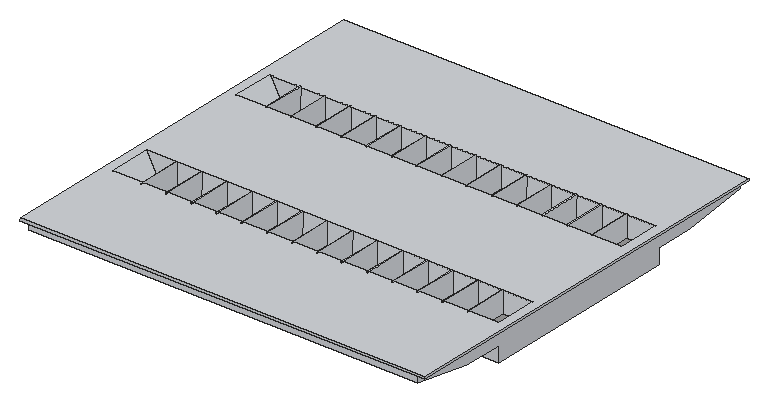
Revit family "0052583 Sylvania Lighting Fixture RANA NEO 3500LM REC 600x600 840 CC EM 2L WHITE", category Lighting Fixtures, host Face, Revit 2016
Family settings
  Host = Face
  Part Type = Normal
  Round Connector Dimension = Use Diameter
  OmniClass Number = 23.80.70.00
  OmniClass Title = Lighting
  Cut with Voids When Loaded = No
  Light Source = Yes
  Shared = No
  Room Calculation Point = No
Parameters (values of type "0052583 RANA NEO 3500LM R 600 840 CC EM 2L WHT")
  fin7 = 37 mm
  fin3 = 332 mm
  fin2 [instance] = 368 mm
  fin 6 = 110 mm
  fin 5 = 185 mm
  fin 4 = 258 mm
  fin 3 [instance] = 318 mm
  fin 2 = 407 mm
  fin 1 = 480 mm
  Width_SYL = if([600x600_SYL], 595 mm, if([625x625_SYL], 620 mm, if([1200_SYL], 296 mm, 306 mm)))  # 595 mm
  Weight = "n/a"
  Wattage Comments = ""
  Wattage = 28 W
  WarrantyStartDate [instance] = "n/a"
  WarrantyGuarantorParts = "n/a"
  WarrantyDurationUnit = "n/a"
  WarrantyDurationParts = ""
  WarrantyDescription = "http://www.sylvania-lighting.com"
  built-in parameter 1150110 = 1 (stored number, unit not read)
  Voltage = 0 V
  URL = "0.97"
  TypeName = "RANA NEO 3500LM REC 600x600 840 CC EM 2L WHITE"
  Type Image = <None>
  Type Comments = "n/a"
  built-in parameter 1114217 = 1 (stored number, unit not read)
  TopWidth_SYL = if([600x600_SYL], 295 mm, if([625x625_SYL], 295 mm, if([1200_SYL], 165 mm, 165 mm)))  # 295 mm
  Tilt Angle = -90.00°
  built-in parameter 1150109 = 1 (stored number, unit not read)
  built-in parameter 1150134 = (empty or 0)
  built-in parameter 1150113 = 1 (stored number, unit not read)
  SlopeTopWidth_SYL = if([600x600_SYL], 410 mm, if([625x625_SYL], 410 mm, if([1200_SYL], 168 mm, 168 mm)))  # 410 mm
  SlopeBottomWidth_SYL = if([600x600_SYL], 593 mm, if([625x625_SYL], 593 mm, if([1200_SYL], 244 mm, 244 mm)))  # 593 mm
  SlopeHeight_SYL = if([600x600_SYL], 17 mm, if([625x625_SYL], 17 mm, if([1200_SYL], 40 mm, 40 mm)))  # 17 mm
  SerialNumber [instance] = "n/a"
  ReflectorNumber_SYL = if([1Ref_SYL], 2, if([2Ref_SYL], 2, 3))  # 2
  ReflectorLength_SYL = Length_SYL - Inset_SYL * 2 - 5 mm  # 550 mm
  ReflectorInset_SYL = if([1Ref_SYL], 82.4 mm, if([2Ref_SYL], 30 mm, 30 mm))  # 30 mm
  Photometric Web File = "0052583.ies"
  Material_3_SYL = none
  PowerFactor = 0.95
  PowerConsumption = "Lighting"
  NominalLength = 595 mm
  NominalHeight = 60 mm
  NominalDepth = 595 mm
  Name = "RANA NEO 3500LM REC 600x600 840 CC EM 2L WHITE"
  ModelReference = Name  # "RANA NEO 3500LM REC 600x600 840 CC EM 2L WHITE"
  ModelNumber = "0052583"
  Model = Name  # "RANA NEO 3500LM REC 600x600 840 CC EM 2L WHITE"
  Material = "Feilo Sylvania"
  ManufacturerName = "110 lm/W"
  Manufacturer = ""
  LuminousEfficacy = ""
  built-in parameter 1150105 = 222.82 (stored number, unit not read)
  Lumens = 2800 lm
  LuminaireType = "0"
  built-in parameter 1150115 = 1 (stored number, unit not read)
  LouverNumber_SYL = if([600x600_SYL], 14, if([625x625_SYL], 14, if([1200_SYL], 28, 28)))  # 14
  LightOutputRatio = "LED"
  built-in parameter 1150137 = (empty or 0)
  built-in parameter 1150139 = (empty or 0)
  Length_SYL = if([600x600_SYL], 595 mm, if([625x625_SYL], 620 mm, if([1200_SYL], 1196 mm, 1246 mm)))  # 595 mm
  LampsType = Lamp  # "n/a"
  LampNominalLuminous = "4000 K"
  LampMacAdamStep = "80"
  LampColourTemperature = "LED"
  LampColourRenderingIndex = "16500"
  built-in parameter 1150112 = 1 (stored number, unit not read)
  built-in parameter 1150114 = 1 (stored number, unit not read)
  Lamp = "n/a"
  LED position [instance] = 410 mm
  LED inside width = 165 mm
  LED inner void = 521.5 mm
  LED Width = 290 mm
  LED Length = 568 mm
  Keynote = "n/a"
  InstallationDate [instance] = "n/a"
  Inset_SYL = 20 mm  # constant formula
  InputVoltage = "0"
  InputNominalFrequency = "4000"
  built-in parameter 1150132 = (empty or 0)
  built-in parameter 1150102 = (empty or 0)
  built-in parameter 1150107 = 3000 (stored number, unit not read)
  built-in parameter 1150138 = (empty or 0)
  IngressProtection = "IfcLightFixtureType"
  ImpactProtectionIndex = "IfcLightFixtureType"
  built-in parameter 1150106 = 2.2282 (stored number, unit not read)
  IfcExportType = "IfcLightFixtureType"
  IfcExportAs = "Class I"
  Height = 52 mm
  Emit from Rectangle Width = if([1Ref_SYL], 48 mm, TopWidth_SYL - 13 mm)  # 282 mm
  Emit from Rectangle Length = ReflectorLength_SYL - 8 mm  # 542 mm
  Emit Shape Visible in Rendering = no
  ElectricShockClassification = "110"
  built-in parameter 1150104 = 9.2903 (stored number, unit not read)
  DocumentationLiterature = "http://www.sylvania-lighting.com/product/en-int/products/0052583"
  DimmingControlOptions = "n/a"
  Material_2_SYL = none
  Dimming Lamp Color Temperature Shift = <None>
  Description = "-"
  Default Elevation = 1219.2 mm
  CreatedOn = "25/11/2019"
  CreatedBy = "@sylvania-lighting.com"
  Cost = 0
  Color Filter = 16777215
  built-in parameter 1114216 [instance] = (empty or 0)
  ClassificationValue = "EF_70_80"
  ClassificationName = "Uniclass2015"
  Material_1_SYL = none
  BarCode [instance] = "n/a"
  built-in parameter 1114218 = 1 (stored number, unit not read)
  built-in parameter 1150133 = 10 (stored number, unit not read)
  AssetType = "Fixed"
  AssetIdentifier [instance] = "n/a"
  Assembly Code = "D5020200"
  Apparent Load = 32 VA
  Material_4_SYL = none
  625x625_SYL = no
  600x600_SYL = yes
  2Ref_SYL = yes
  1Ref_SYL = no
  1200_SYL = no
Reference planes
  plane 1 "Center (Front/Back)": y = 0
  plane 2: z = 0
  plane 3 "Center (Left/Right)": x = 0
  plane 4: x = 297.5
  plane 5: x = -297.5
  plane 6: y = 297.5
  plane 7: y = -297.5
  plane 8: z = -120
  plane 9: z = -3
  plane 10: z = -12
  plane 11: z = -29
  plane 12: z = -52
  plane 13: y = -296.5
  plane 14: y = 296.5
  plane 15: y = 145
  plane 16: y = -145
  plane 17: y = 82.5
  plane 18: y = -82.5
  plane 19: x = -284
  plane 20: x = 284
  plane 21: y = 141
  plane 22: y = 86.5
  plane 23: x = -264
  plane 24: x = 257.5
  plane 25: x = -286
  plane 26: x = 286
  plane 27: y = -86.5
  plane 28: y = -141
  plane 29: x = 18.5
  plane 30: x = -18.5
  plane 31: x = 55
  plane 32: x = -55
  plane 33: x = 92.5
  plane 34: x = -92.5
  plane 35: x = 129
  plane 36: x = -129
  plane 37: x = 166
  plane 38: x = -166
  plane 39: x = -203.5
  plane 40: x = 203.5
  plane 41: x = -240
  plane 42: x = 240
  plane 43: x = 169.5
  plane 44: x = 162.5
  plane 45: x = 166.5
  plane 46: x = 165.5
Forms (mm)
  Extrusion 1, void
    sketch origin (0, 0, 0) x (1, 0, 0) y (0, 1, 0)
      loop
        line (-297.5, 297.5) -> (-297.5, -297.5) -> (297.5, -297.5) -> (297.5, 297.5) -> (-297.5, 297.5)
    from -120 to 0
  Extrusion 2, solid, detail levels medium+fine
    sketch origin (0, 0, 0) x (0, 1, 0) y (0, 0, 1)
      loop
        line (-296.5, 0) -> (-296.5, -12) -> (-205, -29) -> (-147.5, -29) -> (-147.5, -52) -> (147.5, -52) -> (147.5, -29) -> (205, -29) -> (296.5, -17.514) -> (296.5, 0) -> (-296.5, 0)
    from -286 to 286
  Extrusion 3, solid, detail levels medium+fine
    sketch origin (275, 1524, 1219.2) x (0, 1, 0) y (0, 0, 1)
      loop
        line (-1226.5, -1222.2) -> (-1226.5, -1219.2) -> (-1820.5, -1219.2) -> (-1820.5, -1222.2) -> (-1226.5, -1222.2)
    from 11 to 22.5
  Extrusion 4, solid, detail levels medium+fine
    sketch origin (-275, 1524, 1219.2) x (0, 1, 0) y (0, 0, 1)
      loop
        line (-1820.5, -1222.2) -> (-1227.5, -1222.2) -> (-1227.5, -1219.2) -> (-1820.5, -1219.2) -> (-1820.5, -1222.2)
    from -11 to -22.5
  Extrusion 5, solid, detail levels medium+fine
    sketch origin (0, 0, 0) x (0, 1, 0) y (0, 0, 1)
      loop
        line (-297.5, 0) -> (-297.5, -3) -> (-296.5, -3) -> (-296.5, 0) -> (-297.5, 0)
      loop
        line (297.5, -3) -> (297.5, 0) -> (296.5, 0) -> (296.5, -3) -> (297.5, -3)
    from -297.5 to 297.5
  Blend 6, void
    base sketch origin (0, 0, 0) x (1, 0, 0) y (0, 1, 0)
      loop
        line (-284, 145) -> (-284, 82.5) -> (284, 82.5) -> (284, 145) -> (-284, 145)
    top sketch origin (0, 0, 0) x (1, 0, 0) y (0, 1, 0)
      loop
        line (-264, 141) -> (-264, 86.5) -> (257.5, 86.5) -> (257.5, 141) -> (-264, 141)
    from 0 to -29
  Blend 7, void
    base sketch origin (0, 0, 0) x (1, 0, 0) y (0, 1, 0)
      loop
        line (-284, -82.5) -> (-284, -145) -> (284, -145) -> (284, -82.5) -> (-284, -82.5)
    top sketch origin (0, 0, 0) x (1, 0, 0) y (0, 1, 0)
      loop
        line (257.5, -86.5) -> (-264, -86.5) -> (-264, -141) -> (257.5, -141) -> (257.5, -86.5)
    from 0 to -29
  Extrusion 8, solid, detail levels fine
    sketch origin (0, 0, 0) x (1, 0, 0) y (0, 0, 1)
      loop
        line (162.5, -29) -> (169.5, -29) -> (166.5, 0) -> (165.5, 0) -> (162.5, -29)
    from -145 to -82.5
  Extrusion 9, solid, detail levels fine
    sketch origin (37.5, 0, 0) x (1, 0, 0) y (0, 0, 1)
      loop
        line (162.5, -29) -> (169.5, -29) -> (166.5, 0) -> (165.5, 0) -> (162.5, -29)
    from -145 to -82.5
  Extrusion 10, solid, detail levels fine
    sketch origin (74, 0, 0) x (1, 0, 0) y (0, 0, 1)
      loop
        line (162.5, -29) -> (169.5, -29) -> (166.5, 0) -> (165.5, 0) -> (162.5, -29)
    from -145 to -82.5
  Extrusion 11, solid, detail levels fine
    sketch origin (-37, 0, 0) x (1, 0, 0) y (0, 0, 1)
      loop
        line (162.5, -29) -> (169.5, -29) -> (166.5, 0) -> (165.5, 0) -> (162.5, -29)
    from -145 to -82.5
  Extrusion 12, solid, detail levels fine
    sketch origin (-73.5, 0, 0) x (1, 0, 0) y (0, 0, 1)
      loop
        line (162.5, -29) -> (169.5, -29) -> (166.5, 0) -> (165.5, 0) -> (162.5, -29)
    from -145 to -82.5
  Extrusion 13, solid, detail levels fine
    sketch origin (-111, 0, 0) x (1, 0, 0) y (0, 0, 1)
      loop
        line (162.5, -29) -> (169.5, -29) -> (166.5, 0) -> (165.5, 0) -> (162.5, -29)
    from -145 to -82.5
  Extrusion 14, solid, detail levels fine
    sketch origin (-147.5, 0, 0) x (1, 0, 0) y (0, 0, 1)
      loop
        line (162.5, -29) -> (169.5, -29) -> (166.5, 0) -> (165.5, 0) -> (162.5, -29)
    from -145 to -82.5
  Extrusion 15, solid, detail levels fine
    sketch origin (-184.5, 0, 0) x (1, 0, 0) y (0, 0, 1)
      loop
        line (162.5, -29) -> (169.5, -29) -> (166.5, 0) -> (165.5, 0) -> (162.5, -29)
    from -145 to -82.5
  Extrusion 16, solid, detail levels fine
    sketch origin (-221, 0, 0) x (1, 0, 0) y (0, 0, 1)
      loop
        line (162.5, -29) -> (169.5, -29) -> (166.5, 0) -> (165.5, 0) -> (162.5, -29)
    from -145 to -82.5
  Extrusion 17, solid, detail levels fine
    sketch origin (-258.5, 0, 0) x (1, 0, 0) y (0, 0, 1)
      loop
        line (162.5, -29) -> (169.5, -29) -> (166.5, 0) -> (165.5, 0) -> (162.5, -29)
    from -145 to -82.5
  Extrusion 18, solid, detail levels fine
    sketch origin (-295, 0, 0) x (1, 0, 0) y (0, 0, 1)
      loop
        line (162.5, -29) -> (169.5, -29) -> (166.5, 0) -> (165.5, 0) -> (162.5, -29)
    from -145 to -82.5
  Extrusion 19, solid, detail levels fine
    sketch origin (-332, 0, 0) x (1, 0, 0) y (0, 0, 1)
      loop
        line (162.5, -29) -> (169.5, -29) -> (166.5, 0) -> (165.5, 0) -> (162.5, -29)
    from -145 to -82.5
  Extrusion 20, solid, detail levels fine
    sketch origin (-369.5, 0, 0) x (1, 0, 0) y (0, 0, 1)
      loop
        line (162.5, -29) -> (169.5, -29) -> (166.5, 0) -> (165.5, 0) -> (162.5, -29)
    from -145 to -82.5
  Extrusion 21, solid, detail levels fine
    sketch origin (-406, 0, 0) x (1, 0, 0) y (0, 0, 1)
      loop
        line (162.5, -29) -> (169.5, -29) -> (166.5, 0) -> (165.5, 0) -> (162.5, -29)
    from -145 to -82.5
  Extrusion 22, solid, detail levels fine
    sketch origin (-406.072, 0, -0.017) x (1, 0, 0) y (0, 0, 1)
      loop
        line (162.5, -29) -> (169.5, -29) -> (166.5, 0) -> (165.5, 0) -> (162.5, -29)
    from 82.5 to 147.5
  Extrusion 23, solid, detail levels fine
    sketch origin (-369.572, 0, -0.017) x (1, 0, 0) y (0, 0, 1)
      loop
        line (162.5, -29) -> (169.5, -29) -> (166.5, 0) -> (165.5, 0) -> (162.5, -29)
    from 82.5 to 147.5
  Extrusion 24, solid, detail levels fine
    sketch origin (-331.998, 0, -0.017) x (1, 0, 0) y (0, 0, 1)
      loop
        line (162.5, -29) -> (169.5, -29) -> (166.5, 0) -> (165.5, 0) -> (162.5, -29)
    from 82.5 to 147.5
  Extrusion 25, solid, detail levels fine
    sketch origin (-294.998, 0, -0.017) x (1, 0, 0) y (0, 0, 1)
      loop
        line (162.5, -29) -> (169.5, -29) -> (166.5, 0) -> (165.5, 0) -> (162.5, -29)
    from 82.5 to 147.5
  Extrusion 26, solid, detail levels fine
    sketch origin (-258.498, 0, -0.017) x (1, 0, 0) y (0, 0, 1)
      loop
        line (162.5, -29) -> (169.5, -29) -> (166.5, 0) -> (165.5, 0) -> (162.5, -29)
    from 82.5 to 147.5
  Extrusion 27, solid, detail levels fine
    sketch origin (-221, 0, -0.017) x (1, 0, 0) y (0, 0, 1)
      loop
        line (162.5, -29) -> (169.5, -29) -> (166.5, 0) -> (165.5, 0) -> (162.5, -29)
    from 82.5 to 147.5
  Extrusion 28, solid, detail levels fine
    sketch origin (-184.5, 0, -0.017) x (1, 0, 0) y (0, 0, 1)
      loop
        line (162.5, -29) -> (169.5, -29) -> (166.5, 0) -> (165.5, 0) -> (162.5, -29)
    from 82.5 to 147.5
  Extrusion 29, solid, detail levels fine
    sketch origin (-147.5, 0, -0.017) x (1, 0, 0) y (0, 0, 1)
      loop
        line (162.5, -29) -> (169.5, -29) -> (166.5, 0) -> (165.5, 0) -> (162.5, -29)
    from 82.5 to 147.5
  Extrusion 30, solid, detail levels fine
    sketch origin (-111, 0, -0.017) x (1, 0, 0) y (0, 0, 1)
      loop
        line (162.5, -29) -> (169.5, -29) -> (166.5, 0) -> (165.5, 0) -> (162.5, -29)
    from 82.5 to 147.5
  Extrusion 31, solid, detail levels fine
    sketch origin (-73.5, 0, -0.017) x (1, 0, 0) y (0, 0, 1)
      loop
        line (162.5, -29) -> (169.5, -29) -> (166.5, 0) -> (165.5, 0) -> (162.5, -29)
    from 82.5 to 147.5
  Extrusion 32, solid, detail levels fine
    sketch origin (-37, 0, -0.017) x (1, 0, 0) y (0, 0, 1)
      loop
        line (162.5, -29) -> (169.5, -29) -> (166.5, 0) -> (165.5, 0) -> (162.5, -29)
    from 82.5 to 147.5
  Extrusion 33, solid, detail levels fine
    sketch origin (0, 0, -0.017) x (1, 0, 0) y (0, 0, 1)
      loop
        line (162.5, -29) -> (169.5, -29) -> (166.5, 0) -> (165.5, 0) -> (162.5, -29)
    from 82.5 to 147.5
  Extrusion 34, solid, detail levels fine
    sketch origin (37.5, 0, -0.017) x (1, 0, 0) y (0, 0, 1)
      loop
        line (162.5, -29) -> (169.5, -29) -> (166.5, 0) -> (165.5, 0) -> (162.5, -29)
    from 82.5 to 147.5
  Extrusion 35, solid, detail levels fine
    sketch origin (74, 0, -0.017) x (1, 0, 0) y (0, 0, 1)
      loop
        line (162.5, -29) -> (169.5, -29) -> (166.5, 0) -> (165.5, 0) -> (162.5, -29)
    from 82.5 to 147.5
  Extrusion 36, solid, material "Glass, White, High Luminance", detail levels fine
    sketch origin (0, 0, 0) x (1, 0, 0) y (0, 1, 0)
      loop
        line (-264, 141) -> (-264, 86.5) -> (257.5, 86.5) -> (257.5, 141) -> (-264, 141)
    from -29 to -28
  Extrusion 37, solid, material "Glass, White, High Luminance", detail levels fine
    sketch origin (0, 0, 0) x (1, 0, 0) y (0, 1, 0)
      loop
        line (-264, -86.5) -> (-264, -141) -> (257.5, -141) -> (257.5, -86.5) -> (-264, -86.5)
    from -29 to -28
  Extrusion 38, solid, detail levels coarse
    sketch origin (0, 0, 0) x (1, 0, 0) y (0, 1, 0)
      loop
        line (-297.5, 297.5) -> (-297.5, -297.5) -> (297.5, -297.5) -> (297.5, 297.5) -> (-297.5, 297.5)
    from -52 to 0
Cuts and joins
  Blend 6, Blend 7 cuts Extrusion 2
  Blend 6, Blend 7 cuts Extrusion 3
  Blend 6, Blend 7 cuts Extrusion 4
  Blend 6, Blend 7 cuts Extrusion 5
  joined: Extrusion 2, Extrusion 3, Extrusion 4, Extrusion 5
Dimensions and locks
  "Length_SYL": plane 5 to plane 4
  locked: plane 2 to plane 8 at 120
  locked: plane 2 to plane 9 at 3
  locked: plane 2 to plane 10 at 12
  "SlopeHeight_SYL": plane 11 to plane 10
  "Height": plane 2 to plane 12
  equal spacing: plane 13, plane 1 "Center (Front/Back)", plane 14
  "SlopeBottomWidth_SYL": plane 13 to plane 14
  "LED Width": plane 15 to plane 16
  equal spacing: plane 15, plane 1 "Center (Front/Back)", plane 16
  "LED inside width": plane 17 to plane 18
  equal spacing: plane 17, plane 1 "Center (Front/Back)", plane 18
  "LED Length": plane 19 to plane 20
  equal spacing: plane 19, plane 3 "Center (Left/Right)", plane 20
  "LED inner void": plane 23 to plane 24
  "fin7": plane 29 to plane 30
  equal spacing: plane 29, plane 3 "Center (Left/Right)", plane 30
  "fin 6": plane 31 to plane 32
  equal spacing: plane 31, plane 3 "Center (Left/Right)", plane 32
  "fin 5": plane 33 to plane 34
  equal spacing: plane 33, plane 3 "Center (Left/Right)", plane 34
  "fin 4": plane 35 to plane 36
  equal spacing: plane 35, plane 3 "Center (Left/Right)", plane 36
  "fin 2": plane 40 to plane 39
  equal spacing: plane 40, plane 3 "Center (Left/Right)", plane 39
  "fin3": plane 37 to plane 38
  equal spacing: plane 37, plane 3 "Center (Left/Right)", plane 38
  "fin 1": plane 42 to plane 41
  equal spacing: plane 42, plane 3 "Center (Left/Right)", plane 41
  aligned and locked: plane 2 to host face
  aligned and locked: level to host face
  aligned and locked: plane 6 to Extrusion 1 sketch curve
  aligned and locked: plane 5 to Extrusion 1 sketch curve
  aligned and locked: Extrusion 1 sketch curve to plane 7
  aligned and locked: Extrusion 1 sketch curve to plane 4
  aligned and locked: level to Extrusion 1
  aligned and locked: plane 8 to Extrusion 1
  aligned and locked: plane 2 to Extrusion 1
  aligned and locked: plane 10 to Extrusion 2 sketch curve
  aligned and locked: plane 12 to Extrusion 2 sketch curve
  aligned and locked: plane 11 to Extrusion 2 sketch curve  (x2)
  aligned and locked: Extrusion 2 sketch curve to level
  aligned and locked: Extrusion 3 sketch curve to Extrusion 2
  aligned and locked: plane 6 to Extrusion 3 sketch curve
  aligned and locked: plane 4 to Extrusion 3
  aligned and locked: cut or joined group of Extrusion 2, Extrusion 3, Extrusion 4, Extrusion 5, Blend 6, Blend 7 to Extrusion 4 sketch curve  (x3)
  aligned and locked: Extrusion 4 sketch curve to cut or joined group of Extrusion 2, Extrusion 3, Extrusion 4, Extrusion 5, Blend 6, Blend 7
  aligned and locked: Extrusion 4 to plane 5
  aligned and locked: Extrusion 3 to Extrusion 2
  aligned and locked: Extrusion 4 to Extrusion 2
  aligned and locked: plane 14 to Extrusion 2 sketch curve
  aligned and locked: plane 13 to Extrusion 2 sketch curve
  aligned and locked: Extrusion 5 sketch curve to level  (x2)
  aligned and locked: Extrusion 5 sketch curve to plane 7
  aligned and locked: Extrusion 5 sketch curve to cut or joined group of Extrusion 2, Extrusion 3, Extrusion 4, Extrusion 5, Blend 6, Blend 7  (x4)
  aligned and locked: cut or joined group of Extrusion 2, Extrusion 3, Extrusion 4, Extrusion 5, Blend 6, Blend 7 to Extrusion 5 sketch curve
  aligned and locked: Extrusion 5 to plane 5
  aligned and locked: plane 4 to Extrusion 5
Automatic sketch dimensions
  host sketch curve to host sketch curve = 1219.2 mm
  host sketch curve to host sketch curve = 1211.616 mm
  Extrusion 2 sketch curve to plane 16 = 60 mm
  Extrusion 2 sketch curve to plane 16 = 2.5 mm
  plane 15 to Extrusion 2 sketch curve = 2.5 mm
  Extrusion 2 sketch curve to Extrusion 2 sketch curve = 57.5 mm
  plane 10 to Extrusion 2 sketch curve = 5.514 mm
  plane 9 to Extrusion 3 sketch curve = 0 mm
  Extrusion 3 sketch curve to plane 13 = 0 mm
  Blend 6 sketch curve to plane 17 = 0 mm
  Blend 6 sketch curve to plane 19 = 0 mm
  Blend 6 sketch curve to plane 20 = 0 mm
  Blend 6 sketch curve to plane 15 = 0 mm
  Blend 6 sketch curve to plane 22 = 0 mm
  Blend 6 sketch curve to plane 23 = 0 mm
  Blend 6 sketch curve to plane 24 = 0 mm
  Blend 6 sketch curve to plane 21 = 0 mm
  Blend 7 sketch curve to plane 16 = 0 mm
  Blend 7 sketch curve to plane 19 = 0 mm
  Blend 7 sketch curve to plane 20 = 0 mm
  Blend 7 sketch curve to plane 18 = 0 mm
  Blend 7 sketch curve to plane 23 = 0 mm
  Blend 7 sketch curve to plane 24 = 0 mm
  Blend 7 sketch curve to plane 28 = 0 mm
  Blend 7 sketch curve to plane 27 = 0 mm
  Extrusion 8 sketch curve to plane 11 = 0 mm
  Extrusion 8 sketch curve to plane 44 = 0 mm
  Extrusion 8 sketch curve to level = 0 mm
  Extrusion 8 sketch curve to plane 46 = 0 mm
  Extrusion 8 sketch curve to plane 45 = 0 mm
  Extrusion 8 sketch curve to plane 43 = 0 mm
  Extrusion 9 sketch curve to plane 11 = 0 mm
  Extrusion 9 sketch curve to level = 0 mm
  Extrusion 9 sketch curve to plane 40 = 3.5 mm
  Extrusion 9 sketch curve to plane 40 = 0.5 mm
  plane 40 to Extrusion 9 sketch curve = 0.5 mm
  plane 40 to Extrusion 9 sketch curve = 3.5 mm
  Extrusion 10 sketch curve to plane 11 = 0 mm
  Extrusion 10 sketch curve to level = 0 mm
  Extrusion 10 sketch curve to plane 42 = 3.5 mm
  Extrusion 10 sketch curve to plane 42 = 0.5 mm
  plane 42 to Extrusion 10 sketch curve = 0.5 mm
  plane 42 to Extrusion 10 sketch curve = 3.5 mm
  Extrusion 11 sketch curve to plane 11 = 0 mm
  Extrusion 11 sketch curve to level = 0 mm
  Extrusion 11 sketch curve to plane 35 = 3.5 mm
  Extrusion 11 sketch curve to plane 35 = 0.5 mm
  plane 35 to Extrusion 11 sketch curve = 0.5 mm
  plane 35 to Extrusion 11 sketch curve = 3.5 mm
  Extrusion 12 sketch curve to plane 11 = 0 mm
  Extrusion 12 sketch curve to level = 0 mm
  Extrusion 12 sketch curve to plane 33 = 3.5 mm
  Extrusion 12 sketch curve to plane 33 = 0.5 mm
  plane 33 to Extrusion 12 sketch curve = 0.5 mm
  plane 33 to Extrusion 12 sketch curve = 3.5 mm
  Extrusion 13 sketch curve to plane 11 = 0 mm
  Extrusion 13 sketch curve to level = 0 mm
  Extrusion 13 sketch curve to plane 31 = 3.5 mm
  Extrusion 13 sketch curve to plane 31 = 0.5 mm
  plane 31 to Extrusion 13 sketch curve = 0.5 mm
  plane 31 to Extrusion 13 sketch curve = 3.5 mm
  Extrusion 14 sketch curve to plane 11 = 0 mm
  Extrusion 14 sketch curve to level = 0 mm
  Extrusion 14 sketch curve to plane 29 = 3.5 mm
  Extrusion 14 sketch curve to plane 29 = 0.5 mm
  plane 29 to Extrusion 14 sketch curve = 0.5 mm
  plane 29 to Extrusion 14 sketch curve = 3.5 mm
  Extrusion 15 sketch curve to plane 11 = 0 mm
  Extrusion 15 sketch curve to level = 0 mm
  Extrusion 15 sketch curve to plane 30 = 3.5 mm
  Extrusion 15 sketch curve to plane 30 = 0.5 mm
  plane 30 to Extrusion 15 sketch curve = 0.5 mm
  plane 30 to Extrusion 15 sketch curve = 3.5 mm
  Extrusion 16 sketch curve to plane 11 = 0 mm
  Extrusion 16 sketch curve to level = 0 mm
  Extrusion 16 sketch curve to plane 32 = 3.5 mm
  Extrusion 16 sketch curve to plane 32 = 0.5 mm
  plane 32 to Extrusion 16 sketch curve = 0.5 mm
  plane 32 to Extrusion 16 sketch curve = 3.5 mm
  Extrusion 17 sketch curve to plane 11 = 0 mm
  Extrusion 17 sketch curve to level = 0 mm
  Extrusion 17 sketch curve to plane 34 = 3.5 mm
  Extrusion 17 sketch curve to plane 34 = 0.5 mm
  plane 34 to Extrusion 17 sketch curve = 0.5 mm
  plane 34 to Extrusion 17 sketch curve = 3.5 mm
  Extrusion 18 sketch curve to plane 11 = 0 mm
  Extrusion 18 sketch curve to level = 0 mm
  Extrusion 18 sketch curve to plane 36 = 3.5 mm
  Extrusion 18 sketch curve to plane 36 = 0.5 mm
  plane 36 to Extrusion 18 sketch curve = 0.5 mm
  plane 36 to Extrusion 18 sketch curve = 3.5 mm
  Extrusion 19 sketch curve to plane 11 = 0 mm
  Extrusion 19 sketch curve to level = 0 mm
  Extrusion 19 sketch curve to plane 38 = 3.5 mm
  Extrusion 19 sketch curve to plane 38 = 0.5 mm
  plane 38 to Extrusion 19 sketch curve = 0.5 mm
  plane 38 to Extrusion 19 sketch curve = 3.5 mm
  Extrusion 20 sketch curve to plane 11 = 0 mm
  Extrusion 20 sketch curve to level = 0 mm
  Extrusion 20 sketch curve to plane 39 = 3.5 mm
  Extrusion 20 sketch curve to plane 39 = 0.5 mm
  plane 39 to Extrusion 20 sketch curve = 0.5 mm
  plane 39 to Extrusion 20 sketch curve = 3.5 mm
  Extrusion 21 sketch curve to plane 11 = 0 mm
  Extrusion 21 sketch curve to level = 0 mm
  Extrusion 21 sketch curve to plane 41 = 3.5 mm
  Extrusion 21 sketch curve to plane 41 = 0.5 mm
  plane 41 to Extrusion 21 sketch curve = 0.5 mm
  plane 41 to Extrusion 21 sketch curve = 3.5 mm
  plane 11 to Extrusion 22 sketch curve = 0.017 mm
  Extrusion 22 sketch curve to plane 41 = 3.572 mm
  Extrusion 22 sketch curve to level = 0.017 mm
  Extrusion 22 sketch curve to plane 41 = 0.572 mm
  plane 41 to Extrusion 22 sketch curve = 0.428 mm
  plane 41 to Extrusion 22 sketch curve = 3.428 mm
  plane 11 to Extrusion 23 sketch curve = 0.017 mm
  Extrusion 23 sketch curve to plane 39 = 3.572 mm
  Extrusion 23 sketch curve to level = 0.017 mm
  Extrusion 23 sketch curve to plane 39 = 0.572 mm
  plane 39 to Extrusion 23 sketch curve = 0.428 mm
  plane 39 to Extrusion 23 sketch curve = 3.428 mm
  plane 11 to Extrusion 24 sketch curve = 0.017 mm
  Extrusion 24 sketch curve to plane 38 = 3.498 mm
  Extrusion 24 sketch curve to level = 0.017 mm
  Extrusion 24 sketch curve to plane 38 = 0.498 mm
  plane 38 to Extrusion 24 sketch curve = 0.502 mm
  plane 38 to Extrusion 24 sketch curve = 3.502 mm
  plane 11 to Extrusion 25 sketch curve = 0.017 mm
  Extrusion 25 sketch curve to plane 36 = 3.498 mm
  Extrusion 25 sketch curve to level = 0.017 mm
  Extrusion 25 sketch curve to plane 36 = 0.498 mm
  plane 36 to Extrusion 25 sketch curve = 0.502 mm
  plane 36 to Extrusion 25 sketch curve = 3.502 mm
  plane 11 to Extrusion 26 sketch curve = 0.017 mm
  Extrusion 26 sketch curve to plane 34 = 3.498 mm
  Extrusion 26 sketch curve to level = 0.017 mm
  Extrusion 26 sketch curve to plane 34 = 0.498 mm
  plane 34 to Extrusion 26 sketch curve = 0.502 mm
  plane 34 to Extrusion 26 sketch curve = 3.502 mm
  plane 11 to Extrusion 27 sketch curve = 0.017 mm
  Extrusion 27 sketch curve to plane 32 = 3.5 mm
  Extrusion 27 sketch curve to level = 0.017 mm
  Extrusion 27 sketch curve to plane 32 = 0.5 mm
  plane 32 to Extrusion 27 sketch curve = 0.5 mm
  plane 32 to Extrusion 27 sketch curve = 3.5 mm
  plane 11 to Extrusion 28 sketch curve = 0.017 mm
  Extrusion 28 sketch curve to plane 30 = 3.5 mm
  Extrusion 28 sketch curve to level = 0.017 mm
  Extrusion 28 sketch curve to plane 30 = 0.5 mm
  plane 30 to Extrusion 28 sketch curve = 0.5 mm
  plane 30 to Extrusion 28 sketch curve = 3.5 mm
  plane 11 to Extrusion 29 sketch curve = 0.017 mm
  Extrusion 29 sketch curve to plane 29 = 3.5 mm
  Extrusion 29 sketch curve to level = 0.017 mm
  Extrusion 29 sketch curve to plane 29 = 0.5 mm
  plane 29 to Extrusion 29 sketch curve = 0.5 mm
  plane 29 to Extrusion 29 sketch curve = 3.5 mm
  plane 11 to Extrusion 30 sketch curve = 0.017 mm
  Extrusion 30 sketch curve to plane 31 = 3.5 mm
  Extrusion 30 sketch curve to level = 0.017 mm
  Extrusion 30 sketch curve to plane 31 = 0.5 mm
  plane 31 to Extrusion 30 sketch curve = 0.5 mm
  plane 31 to Extrusion 30 sketch curve = 3.5 mm
  plane 11 to Extrusion 31 sketch curve = 0.017 mm
  Extrusion 31 sketch curve to plane 33 = 3.5 mm
  Extrusion 31 sketch curve to level = 0.017 mm
  Extrusion 31 sketch curve to plane 33 = 0.5 mm
  plane 33 to Extrusion 31 sketch curve = 0.5 mm
  plane 33 to Extrusion 31 sketch curve = 3.5 mm
  plane 11 to Extrusion 32 sketch curve = 0.017 mm
  Extrusion 32 sketch curve to plane 35 = 3.5 mm
  Extrusion 32 sketch curve to level = 0.017 mm
  Extrusion 32 sketch curve to plane 35 = 0.5 mm
  plane 35 to Extrusion 32 sketch curve = 0.5 mm
  plane 35 to Extrusion 32 sketch curve = 3.5 mm
  Extrusion 33 sketch curve to plane 44 = 0 mm
  Extrusion 33 sketch curve to plane 46 = 0 mm
  Extrusion 33 sketch curve to plane 45 = 0 mm
  Extrusion 33 sketch curve to plane 43 = 0 mm
  plane 11 to Extrusion 33 sketch curve = 0.017 mm
  Extrusion 33 sketch curve to level = 0.017 mm
  plane 11 to Extrusion 34 sketch curve = 0.017 mm
  Extrusion 34 sketch curve to plane 40 = 3.5 mm
  Extrusion 34 sketch curve to level = 0.017 mm
  Extrusion 34 sketch curve to plane 40 = 0.5 mm
  plane 40 to Extrusion 34 sketch curve = 0.5 mm
  plane 40 to Extrusion 34 sketch curve = 3.5 mm
  plane 11 to Extrusion 35 sketch curve = 0.017 mm
  Extrusion 35 sketch curve to plane 42 = 3.5 mm
  Extrusion 35 sketch curve to level = 0.017 mm
  Extrusion 35 sketch curve to plane 42 = 0.5 mm
  plane 42 to Extrusion 35 sketch curve = 0.5 mm
  plane 42 to Extrusion 35 sketch curve = 3.5 mm
  Extrusion 36 sketch curve to plane 22 = 0 mm
  Extrusion 36 sketch curve to plane 23 = 0 mm
  Extrusion 36 sketch curve to plane 24 = 0 mm
  Extrusion 36 sketch curve to plane 21 = 0 mm
  Extrusion 37 sketch curve to plane 23 = 0 mm
  Extrusion 37 sketch curve to plane 24 = 0 mm
  Extrusion 37 sketch curve to plane 28 = 0 mm
  Extrusion 37 sketch curve to plane 27 = 0 mm
  Extrusion 38 sketch curve to plane 5 = 0 mm
  Extrusion 38 sketch curve to plane 4 = 0 mm
  plane 7 to Extrusion 38 sketch curve = 0 mm
  plane 6 to Extrusion 38 sketch curve = 0 mm
Connectors
  electrical at (0, 0, -52), driven by "Voltage", driven by "Apparent Load", driven by "PowerFactor"
    settings: on cut or joined group of Extrusion 2, Extrusion 3, Extrusion 4, Extrusion 5, Blend 6, Blend 7, index 1, voltage 0 V, apparent load 32 VA, apparent load phase1 0 VA, apparent load phase2 0 VA, apparent load phase3 0 VA, power factor 0.95, load classification "Lighting", number of poles 1, system type 30, power factor state 1, is connector primary yes, connector utility no, sub classification motor no, connector description ""
